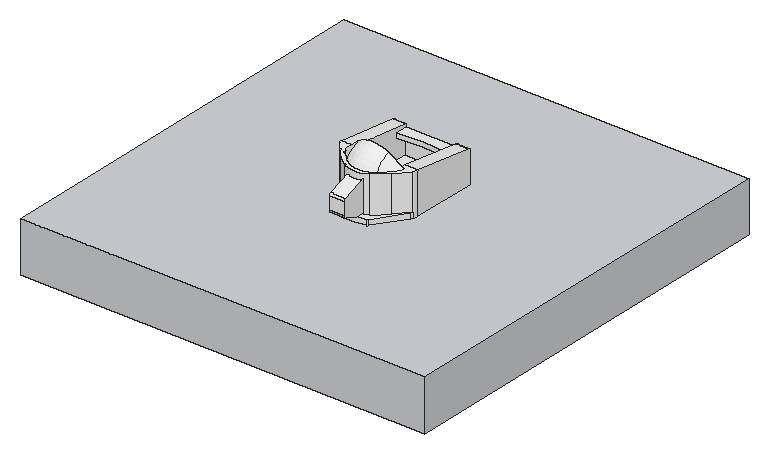
Revit family
Parameters (values of type "Vitreous_China-0-White")
  Width = 1' - 6"
  Waste Connection = yes
  WFU = 0
  Valve Pressure Drop = 0.00 psi
  URL = "http://www.us.kohler.com"
  Top of Urinal to Finished Floor = 3' - 7"
  Spud = Chrome-Kohler-CP-Polished
  Sanitary Radius = 1"
  Sanitary Diameter = Sanitary Radius * 2  # 2"
  Sanitary Connector = "Sanitary Connection"  # constant formula
  Product Page URL = "http://www.us.kohler.com/onlinecatalog/detail.jsp?prod_num=4960-er"
  Product Documentation Link = "http://www.us.kohler.com/onlinecatalog/pdf/115945_4.pdf"
  Model = "K-4960-ER"  # constant formula
  Manufacturer = "Kohler"  # constant formula
  Length = 1' - 2 1/8"
  Height = 2' - 4"
  Flush Rate = 0.5 GPM
  Finish = Vitreous_China-Kohler-0-White
  Description = "Bardon™ urinal with rear spud\r\n"  # constant formula
  Default Elevation = 0' - 0"
  Created By = "http://www.medialab3dstudio.com/"
  Cold Water Radius = 3/8"
  Cold Water Diameter = Cold Water Radius * 2  # 3/4"
  Cold Water Connector = "Cold Water Connection"  # constant formula
  CWFU = 0
  CW Connection = yes
  Assembly Code = "D2010210"
  Actual Valve Water Flow = 0 GPM
  ADA Compliant = yes
Types (8): name | Finish
  (no name) | Vitreous_China-Kohler-0-White
  Vitreous_China-0-White | Vitreous_China-Kohler-0-White
  Vitreous_China-7-Black_Black | Vitreous_China-Kohler-7-Black_Black
  Vitreous_China-33-Mexican_Sand | Vitreous_China-Kohler-33-Mexican_Sand
  Vitreous_China-47-Almond | Vitreous_China-Kohler-47-Almond
  Vitreous_China-55-Innocent_Blush | Vitreous_China-Kohler-55-Innocent_Blush
  Vitreous_China-96-Biscuit | Vitreous_China-Kohler-96-Biscuit
  Vitreous_China-G9-Sandbar | Vitreous_China-Kohler-G9-Sandbar
Reference planes
  plane 1 "Center (Top/Bottom)": y = 0
  plane 2 "Back": z = 0
  plane 3 "Center (Left/Right)": x = 0
  plane 4 "Left": x = -228.6
  plane 5 "Right": x = 228.6
  plane 6 "Top": y = 355.6
  plane 7 "Bottom of Urinal": y = -355.6
  plane 8 "Center (Front/Back)": z = 228.6
  plane 9: y = 292.401
  plane 10: z = 152.4
  plane 11: z = 177.8
  plane 12: y = 342.666
  plane 13: x = 152.4
  plane 14: x = -152.4
  plane 15: z = 249.536
  plane 16: z = 31.307
  plane 17 "Front": z = 358.775
  plane 18: x = -203.2
  plane 19: y = 349.85
  plane 20: y = -34.925
  plane 21: z = 197.41
  plane 22: y = 349.85
  plane 23: y = -34.925
  plane 24: z = 197.41
  plane 25: z = 190.558
  plane 26: z = 190.558
  plane 27: x = -44.45
  plane 28: x = 44.45
  plane 29: y = -204.48
  plane 30: y = -346.876
  plane 31: y = -263.045
  plane 32: z = 221.002
  plane 33: z = 168.531
  plane 34: z = 156.072
  plane 35: z = 79.584
  plane 36: z = 66.236
  plane 37: y = -348.799
  plane 38: y = -34.925
  plane 39: x = -216.358
  plane 40: x = -101.6
  plane 41: x = -94.005
  plane 42: y = -69.641
  plane 43: y = -247.208
  plane 44: y = -252.527
  plane 45: x = 94.005
  plane 46: x = 101.6
  plane 47: x = 216.358
  plane 48: y = -204.48
  plane 49: z = -12.254
  plane 50: y = 314.756
  plane 51: z = -8.167
  plane 52: z = -4.082
  plane 53: x = -12.7
  plane 54: x = -6.35
  plane 55: x = 6.35
  plane 56: x = 12.7
  plane 57: y = 327.456
  plane 58: y = 321.106
  plane 59: y = 308.406
  plane 60: y = 302.056
  plane 61: y = 314.756
  plane 62: y = -34.925
  plane 63: y = -63.598
  plane 64: y = -136.633
  plane 65: y = -172.058
  plane 66: y = -114.045
  plane 67: x = -83.263
  plane 68: x = 219.966
  plane 69: x = -219.966
  plane 70: y = -203.79
  plane 71: x = -76.712
  plane 72: x = 76.712
  plane 73: x = 83.263
  plane 74: y = -34.925
  plane 75: x = 169.256
  plane 76: x = 156.556
  plane 77: x = -156.556
  plane 78: x = -169.256
  plane 79: x = 83.263
  plane 80: x = -83.263
  plane 81: x = -91.426
  plane 82: x = 91.426
  plane 83: z = 219.319
  plane 84: z = 223.583
  plane 85: z = 227.309
  plane 86: z = 268.397
  plane 87: z = 262.276
  plane 88: y = -87.651
  plane 89: y = -215.62
  plane 90: z = 346.082
  plane 91: z = 187.984
  plane 92: y = -204.48
  plane 93: z = 126.154
  plane 94: y = -63.598
  plane 95: x = -219.966
  plane 96: x = 219.966
  plane 97: y = -69.943
  plane 98: y = -81.04
  plane 99: x = -88.922
  plane 100: x = 88.922
  plane 101: y = -261.911
  plane 102 "Bottom": y = -736.6
  plane 103: y = -179.08
  plane 104: y = -229.88
  plane 105: y = 330.631
  plane 106: y = 327.456
  plane 107: y = 324.281
  plane 108: y = 305.231
  plane 109: y = 302.056
  plane 110: y = 298.881
  plane 111: y = -228.315
  plane 112: y = 330.631
  plane 113: y = 298.881
  plane 114: y = -228.315
  plane 115: x = 25.4
  plane 116: x = -25.4
  plane 117: x = 168.746
  plane 118: x = -168.746
  plane 119: x = 15.875
  plane 120: x = 12.7
  plane 121: x = 9.525
  plane 122: x = -9.525
  plane 123: x = -12.7
  plane 124: x = -15.875
Forms (mm)
  Extrusion 1, solid
    sketch origin (0, 0, 0) x (1, 0, 0) y (0, 1, 0)
      loop
        line (-1219.2, 1219.2) -> (-1219.2, -1219.2) -> (1219.2, -1219.2) -> (1219.2, 1219.2) -> (-1219.2, 1219.2)
    from 0 to -304.8
  Extrusion 2, solid, material "Vitreous_China-Kohler-0-White" <- "Finish"
    sketch origin (0, 0, 0) x (1, 0, 0) y (0, 0, 1)
      loop
        line (228.6, 0) -> (228.6, 177.8) -> (152.4, 177.8) -> (152.4, 31.307) -> (-152.4, 31.307) -> (-152.4, 177.8) -> (-228.6, 177.8) -> (-228.6, 0) -> (228.6, 0)
    from -355.6 to 34.925
  Extrusion 3, solid, material "Vitreous_China-Kohler-0-White" <- "Finish"
    sketch origin (0, 0, 0) x (1, 0, 0) y (0, 1, 0)
      loop
        arc (-152.4, 277.758) -> (-0.018, 291.223) -> (152.4, 278.161) r 882.18
        line (152.4, 278.161) -> (152.4, 355.6) -> (-152.4, 355.6) -> (-152.4, 277.758)
    from 152.4 to 177.8
  Extrusion 4, solid, material "Vitreous_China-Kohler-0-White" <- "Finish"
    sketch origin (0, 0, 0) x (1, 0, 0) y (0, 0, 1)
      loop
        line (152.4, 152.4) -> (-152.4, 152.4) -> (-152.4, 31.307) -> (152.4, 31.307) -> (152.4, 152.4)
    from -355.6 to -342.666
  Extrusion 5, solid, material "Vitreous_China-Kohler-0-White" <- "Finish"
    sketch origin (0, 12.934, 0) x (0, 1, 0) y (0, 0, 1)
      loop
        line (-47.86, 177.8) -> (342.666, 177.8) -> (342.666, 190.558)
        arc (342.666, 190.558) -> (341.038, 195.03) -> (336.916, 197.41) r 6.958
        line (336.916, 197.41) -> (-47.86, 249.536) -> (-47.86, 177.8)
    from -228.6 to -152.4
  Extrusion 6, solid, material "Vitreous_China-Kohler-0-White" <- "Finish"
    sketch origin (0, 0, 0) x (1, 0, 0) y (0, 1, 0)
      loop
        line (-216.358, -69.641) -> (-101.6, -247.208)
        arc (-101.6, -247.208) -> (-98.281, -250.551) -> (-94.005, -252.527) r 13.301
        arc (-94.005, -252.527) -> (0, -264.57) -> (94.005, -252.527) r 372.897
        arc (94.005, -252.527) -> (98.281, -250.551) -> (101.6, -247.208) r 13.301
        line (101.6, -247.208) -> (216.358, -69.641)
        arc (216.358, -69.641) -> (225.064, -53.195) -> (228.6, -34.925) r 63.172
        line (228.6, -34.925) -> (-228.6, -34.925)
        arc (-228.6, -34.925) -> (-225.064, -53.195) -> (-216.358, -69.641) r 63.172
    from 0 to 31.307
  Extrusion 7, solid, material "Vitreous_China-Kohler-0-White" <- "Finish"
    sketch origin (0, 12.934, 0) x (0, 1, 0) y (0, 0, -1)
      loop
        line (-47.86, -177.8) -> (-47.86, -249.536) -> (336.916, -197.41)
        arc (336.916, -197.41) -> (341.038, -195.03) -> (342.666, -190.558) r 6.958
        line (342.666, -190.558) -> (342.666, -177.8) -> (-47.86, -177.8)
    from -228.6 to -152.4
  Extrusion 8, solid, material "Vitreous_China-Kohler-0-White" <- "Finish"
    sketch origin (0, 0, 0) x (1, 0, 0) y (0, 1, 0)
      loop
        arc (-152.4, -136.633) -> (-116.352, -172.236) -> (-76.712, -203.79) r 474.221
        arc (-76.712, -203.79) -> (0, -228.315) -> (76.712, -203.79) r 132.238
        arc (76.712, -203.79) -> (116.352, -172.236) -> (152.4, -136.633) r 474.221
        line (152.4, -136.633) -> (219.966, -63.598)
        arc (219.966, -63.598) -> (226.395, -49.897) -> (228.6, -34.925) r 51.924
        line (228.6, -34.925) -> (152.4, -34.925) -> (152.4, -114.045) -> (83.263, -172.058)
        arc (83.263, -172.058) -> (0, -202.363) -> (-83.263, -172.058) r 129.533
        line (-83.263, -172.058) -> (-152.4, -114.045) -> (-152.4, -34.925) -> (-228.6, -34.925)
        arc (-228.6, -34.925) -> (-226.395, -49.897) -> (-219.966, -63.598) r 51.924
        line (-219.966, -63.598) -> (-152.4, -136.633)
    from 0 to 249.536
  Extrusion 9, solid, material "Vitreous_China-Kohler-0-White" <- "Finish"
    sketch origin (0, 0, 0) x (0, 1, 0) y (0, 0, 1)
      loop
        line (-263.045, 31.307) -> (-204.48, 31.307) -> (-204.48, 221.002) -> (-346.876, 168.531)
        arc (-346.876, 168.531) -> (-353.202, 163.677) -> (-355.6, 156.072) r 13.259
        line (-355.6, 156.072) -> (-355.6, 79.584)
        arc (-355.6, 79.584) -> (-354.467, 71.755) -> (-348.799, 66.236) r 12.295
        line (-348.799, 66.236) -> (-263.045, 31.307)
    from -44.45 to 44.45
  Sweep 10, solid, material "Vitreous_China-Kohler-0-White" <- "Finish"
    path origin (0, 12.695, -61.551) x (0, 1, 0) y (0, 0, 1)
      loop
        arc (-228.315, 249.536) -> (-192.314, 351.235) -> (-100.346, 407.633) r 161.645
    profile origin (0, -179.618, 289.684) x (0, -0.77728, 0.629155) y (1, 0, 0)
      loop
        line (-111.84, 169.256) -> (-111.84, 156.556) -> (-105.062, 156.556) -> (-43.562, 83.263)
        arc (-43.562, 83.263) -> (-13.257, 0) -> (-43.562, -83.263) r 129.533
        line (-43.562, -83.263) -> (-105.062, -156.556) -> (-111.84, -156.556) -> (-111.84, -169.256) -> (-99.14, -169.256) -> (-33.833, -91.426)
        arc (-33.833, -91.426) -> (-0.557, 0) -> (-33.833, 91.426) r 142.233
        line (-33.833, 91.426) -> (-99.14, 169.256) -> (-111.84, 169.256)
  Extrusion 11, solid, material "Chrome-Kohler-CP-Polished" <- "Spud"
    sketch origin (0, 0, 0) x (1, 0, 0) y (0, 1, 0)
      loop
        arc (-25.4, -204.48) -> (-17.961, -222.441) -> (0, -229.88) r 25.4
        arc (0, -229.88) -> (17.961, -222.441) -> (25.4, -204.48) r 25.4
        arc (25.4, -204.48) -> (17.961, -186.52) -> (0, -179.08) r 25.4
        arc (0, -179.08) -> (-17.961, -186.52) -> (-25.4, -204.48) r 25.4
    from -12.254 to 0
  Extrusion 12, solid, material "Chrome-Kohler-CP-Polished" <- "Spud"
    sketch origin (0, 0, 0) x (1, 0, 0) y (0, 1, 0)
      loop
        arc (-9.525, 314.756) -> (-6.735, 308.02) -> (0, 305.231) r 9.525
        arc (0, 305.231) -> (6.735, 308.02) -> (9.525, 314.756) r 9.525
        arc (9.525, 314.756) -> (6.735, 321.491) -> (0, 324.281) r 9.525
        arc (0, 324.281) -> (-6.735, 321.491) -> (-9.525, 314.756) r 9.525
    from -12.254 to -8.167
  Extrusion 13, solid, material "Chrome-Kohler-CP-Polished" <- "Spud"
    sketch origin (0, 0, 0) x (1, 0, 0) y (0, 1, 0)
      loop
        line (-12.7, 308.406) -> (-6.35, 302.056) -> (6.35, 302.056) -> (12.7, 308.406) -> (12.7, 321.106) -> (6.35, 327.456) -> (-6.35, 327.456) -> (-12.7, 321.106) -> (-12.7, 308.406)
    from -8.167 to -4.082
  Extrusion 14, solid, material "Chrome-Kohler-CP-Polished" <- "Spud"
    sketch origin (0, 0, 0) x (1, 0, 0) y (0, 1, 0)
      loop
        arc (-15.875, 314.756) -> (-11.225, 303.53) -> (0, 298.881) r 15.875
        arc (0, 298.881) -> (11.225, 303.53) -> (15.875, 314.756) r 15.875
        arc (15.875, 314.756) -> (11.225, 325.981) -> (0, 330.631) r 15.875
        arc (0, 330.631) -> (-11.225, 325.981) -> (-15.875, 314.756) r 15.875
    from -4.082 to 0
  Revolve 15, solid, material "Chrome-Kohler-CP-Polished" <- "Spud"
    sketch origin (0, -779.8, 127.368) x (0, 0.258819, -0.965926) y (0, 0.965926, 0.258819)
      loop
        arc (176.37, 558.19) -> (173.039, 559.512) -> (169.642, 560.654) r 67.161
        arc (169.642, 560.654) -> (167.367, 560.339) -> (165.161, 559.701) r 15.956
        line (165.161, 559.701) -> (152.162, 563.184) -> (150.076, 555.402) -> (182.673, 546.668) -> (183.455, 551.105)
        arc (183.455, 551.105) -> (180.596, 555.33) -> (176.37, 558.19) r 13.473
      axis (152.7, 565.193) -> (150.076, 555.402)
    angle from 0 to 360
Cuts and joins
  joined: Extrusion 2, Extrusion 3, Extrusion 4, Extrusion 5, Extrusion 6, Extrusion 7, Extrusion 8, Sweep 10
Lines and regions (mm)
  Masking region 1, detail levels coarse
    outline origin (0, 0, 0) x (1, 0, 0) y (0, 1, 0)
      loop
        line (-228.6, 355.6) -> (-228.6, -355.6) -> (228.6, -355.6) -> (228.6, 355.6) -> (-228.6, 355.6)
  Masking region 2, detail levels medium+fine
    outline origin (0, 0, 228.6) x (0, -1, 0) y (1, 0, 0)
      loop
        line (-355.6, -228.6) -> (34.925, -228.6)
        arc (34.925, -228.6) -> (47.272, -227.111) -> (58.911, -222.728) r 51.924
        arc (58.911, -222.728) -> (64.434, -219.809) -> (69.641, -216.358) r 63.172
        line (69.641, -216.358) -> (247.208, -101.6)
        arc (247.208, -101.6) -> (250.551, -98.281) -> (252.527, -94.005) r 13.301
        arc (252.527, -94.005) -> (258.058, -69.386) -> (261.911, -44.45) r 372.897
        line (261.911, -44.45) -> (355.6, -44.45) -> (355.6, 44.45) -> (261.911, 44.45)
        arc (261.911, 44.45) -> (258.058, 69.386) -> (252.527, 94.005) r 372.897
        arc (252.527, 94.005) -> (250.551, 98.281) -> (247.208, 101.6) r 13.301
        line (247.208, 101.6) -> (69.641, 216.358)
        arc (69.641, 216.358) -> (64.434, 219.809) -> (58.911, 222.728) r 63.172
        arc (58.911, 222.728) -> (47.272, 227.111) -> (34.925, 228.6) r 51.924
        line (34.925, 228.6) -> (-355.6, 228.6) -> (-355.6, -228.6)
  Masking region 3, detail levels fine
    outline origin (0, 0, 0) x (1, 0, 0) y (0, 1, 0)
      loop
        arc (-9.525, 314.756) -> (-6.735, 308.02) -> (0, 305.231) r 9.525
        arc (0, 305.231) -> (6.735, 308.02) -> (9.525, 314.756) r 9.525
        arc (9.525, 314.756) -> (6.735, 321.491) -> (0, 324.281) r 9.525
        arc (0, 324.281) -> (-6.735, 321.491) -> (-9.525, 314.756) r 9.525
      loop
        line (-12.7, 321.106) -> (-12.7, 308.406) -> (-6.35, 302.056) -> (6.35, 302.056) -> (12.7, 308.406) -> (12.7, 321.106) -> (6.35, 327.456) -> (-6.35, 327.456) -> (-12.7, 321.106)
      loop
        arc (0, 330.631) -> (-11.225, 325.981) -> (-15.875, 314.756) r 15.875
        arc (-15.875, 314.756) -> (-11.225, 303.53) -> (0, 298.881) r 15.875
        arc (0, 298.881) -> (11.225, 303.53) -> (15.875, 314.756) r 15.875
        arc (15.875, 314.756) -> (11.225, 325.981) -> (0, 330.631) r 15.875
  Masking region 4, detail levels fine
    outline origin (0, 0, 0) x (1, 0, 0) y (0, 1, 0)
      loop
        arc (0, -179.08) -> (-17.961, -186.52) -> (-25.4, -204.48) r 25.4
        arc (-25.4, -204.48) -> (-17.961, -222.441) -> (0, -229.88) r 25.4
        arc (0, -229.88) -> (17.961, -222.441) -> (25.4, -204.48) r 25.4
        arc (25.4, -204.48) -> (17.961, -186.52) -> (0, -179.08) r 25.4
  Masking region 5, detail levels fine
    outline origin (0, 0, 457.2) x (0, -1, 0) y (1, 0, 0)
      loop
        line (-277.758, -152.4) -> (69.943, -152.4) -> (81.04, -88.922)
        arc (81.04, -88.922) -> (87.647, 0) -> (81.04, 88.922) r 601.641
        line (81.04, 88.922) -> (69.943, 152.4) -> (-278.161, 152.4)
        arc (-278.161, 152.4) -> (-291.223, -0.018) -> (-277.758, -152.4) r 882.18
  Masking region 6, detail levels fine
    outline origin (0, 0, 457.2) x (0, -1, 0) y (1, 0, 0)
      loop
        line (81.04, -88.922) -> (58.338, -218.789) -> (172.058, -83.263)
        arc (172.058, -83.263) -> (202.363, 0) -> (172.058, 83.263) r 129.533
        line (172.058, 83.263) -> (58.338, 218.789) -> (81.04, 88.922)
        arc (81.04, 88.922) -> (87.647, 0) -> (81.04, -88.922) r 601.641
  Masking region 7, detail levels coarse
    outline origin (0, 0, 0) x (0, 1, 0) y (0, 0, 1)
      loop
        line (355.6, 358.775) -> (-355.6, 358.775) -> (-355.6, 0) -> (355.6, 0) -> (355.6, 358.775)
  Masking region 8, detail levels medium+fine
    outline origin (0, 0, 0) x (0, 1, 0) y (0, 0, 1)
      loop
        line (305.231, -12.254) -> (324.281, -12.254) -> (324.281, -8.167) -> (327.456, -8.167) -> (327.456, -4.082) -> (330.631, -4.082) -> (330.631, 0) -> (355.6, 0) -> (355.6, 190.558)
        arc (355.6, 190.558) -> (353.972, 195.03) -> (349.85, 197.41) r 6.958
        line (349.85, 197.41) -> (-34.925, 249.536) -> (-67.086, 249.536) -> (-89.162, 353.177)
        arc (-89.162, 353.177) -> (-159.668, 316.352) -> (-202.826, 249.536) r 155.887
        line (-202.826, 249.536) -> (-228.315, 249.536) -> (-228.315, 212.219) -> (-346.876, 168.531)
        arc (-346.876, 168.531) -> (-353.202, 163.677) -> (-355.6, 156.072) r 13.259
        line (-355.6, 156.072) -> (-355.6, 79.584)
        arc (-355.6, 79.584) -> (-354.467, 71.755) -> (-348.799, 66.236) r 12.295
        line (-348.799, 66.236) -> (-261.911, 30.845) -> (-261.911, 0) -> (-229.88, 0) -> (-229.88, -12.254) -> (-179.08, -12.254) -> (-179.08, 0) -> (298.881, 0) -> (298.881, -4.082) -> (302.056, -4.082) -> (302.056, -8.167) -> (305.231, -8.167) -> (305.231, -12.254)
  Masking region 9, detail levels fine
    outline origin (0, 0, 0) x (0, 1, 0) y (0, 0, 1)
      loop
        line (330.631, 0) -> (298.881, 0) -> (298.881, -4.082) -> (330.631, -4.082) -> (330.631, 0)
  Masking region 10, detail levels fine
    outline origin (0, 0, 0) x (0, 1, 0) y (0, 0, 1)
      loop
        line (321.106, -4.082) -> (308.406, -4.082) -> (308.406, -8.167) -> (321.106, -8.167) -> (321.106, -4.082)
  Masking region 11, detail levels fine
    outline origin (0, 0, 0) x (0, 1, 0) y (0, 0, 1)
      loop
        line (302.056, -4.082) -> (302.056, -8.167) -> (327.456, -8.167) -> (327.456, -4.082) -> (302.056, -4.082)
  Masking region 12, detail levels fine
    outline origin (0, 0, 0) x (0, 1, 0) y (0, 0, 1)
      loop
        line (-63.598, 31.307) -> (-261.911, 31.307) -> (-261.911, 0) -> (-63.598, 0) -> (-63.598, 31.307)
  Masking region 13, detail levels coarse
    outline origin (0, 0, 0) x (1, 0, 0) y (0, 0, 1)
      loop
        line (228.6, 358.775) -> (-228.6, 358.775) -> (-228.6, 0) -> (228.6, 0) -> (228.6, 358.775)
  Masking region 14, detail levels medium+fine
    outline origin (0, 0, 0) x (1, 0, 0) y (0, 0, 1)
      loop
        line (228.6, 0) -> (228.6, 249.536) -> (168.746, 249.536) -> (82.117, 320.631)
        spline (82.117, 320.631) -> (69.794, 328.3) -> (56.736, 334.687) -> (43.083, 339.726) -> (28.976, 343.364) -> (14.564, 345.562) -> (0, 346.297) -> (-14.564, 345.562) -> (-28.976, 343.364) -> (-43.083, 339.726) -> (-56.736, 334.687) -> (-69.794, 328.3) -> (-82.117, 320.631)
        line (-82.117, 320.631) -> (-168.746, 249.536) -> (-228.6, 249.536) -> (-228.6, 0) -> (-25.4, 0) -> (-25.4, -12.254) -> (25.4, -12.254) -> (25.4, 0) -> (228.6, 0)
  Masking region 15, detail levels fine
    outline origin (0, 355.6, 0) x (1, 0, 0) y (0, 0, 1)
      loop
        line (152.4, 246.736) -> (83.263, 303.476)
        spline (83.263, 303.476) -> (71.18, 312.274) -> (58.135, 319.64) -> (44.303, 325.476) -> (29.872, 329.701) -> (15.038, 332.26) -> (0, 333.116) -> (-15.038, 332.26) -> (-29.872, 329.701) -> (-44.303, 325.476) -> (-58.135, 319.64) -> (-71.18, 312.274) -> (-83.263, 303.476)
        line (-83.263, 303.476) -> (-152.4, 246.736) -> (-152.4, 177.8) -> (152.4, 177.8) -> (152.4, 246.736)
  Masking region 16, detail levels fine
    outline origin (0, 0, 0) x (1, 0, 0) y (0, 0, 1)
      loop
        line (25.4, 0) -> (-25.4, 0) -> (-25.4, -12.254) -> (25.4, -12.254) -> (25.4, 0)
  Masking region 17, detail levels fine
    outline origin (0, 0, 0) x (1, 0, 0) y (0, 0, 1)
      loop
        line (-9.525, -12.254) -> (9.525, -12.254) -> (9.525, -8.167) -> (12.7, -8.167) -> (12.7, -4.082) -> (15.875, -4.082) -> (15.875, 0) -> (-15.875, 0) -> (-15.875, -4.082) -> (-12.7, -4.082) -> (-12.7, -8.167) -> (-9.525, -8.167) -> (-9.525, -12.254)
  Masking region 18, detail levels fine
    outline origin (0, 0, 0) x (1, 0, 0) y (0, 0, 1)
      loop
        line (12.7, -4.082) -> (-12.7, -4.082) -> (-12.7, -8.167) -> (12.7, -8.167) -> (12.7, -4.082)
  Masking region 19, detail levels fine
    outline origin (0, 0, 0) x (1, 0, 0) y (0, 0, 1)
      loop
        line (6.35, -4.082) -> (-6.35, -4.082) -> (-6.35, -8.167) -> (6.35, -8.167) -> (6.35, -4.082)
  symbolic lines, style "Masking Lines", detail levels fine
    curve 1: arc (-152.4, -136.633, 457.2) -> (-116.352, -172.236, 457.2) -> (-76.712, -203.79, 457.2) r 474.221
    curve 2: line (-219.966, -63.598, 457.2) -> (-152.4, -136.633, 457.2)
    curve 3: arc (-76.712, -203.79, 457.2) -> (0, -228.315, 457.2) -> (76.712, -203.79, 457.2) r 132.238
    curve 4: arc (76.712, -203.79, 457.2) -> (116.352, -172.236, 457.2) -> (152.4, -136.633, 457.2) r 474.221
    curve 5: line (152.4, -136.633, 457.2) -> (219.966, -63.598, 457.2)
    curve 6: arc (-44.45, -261.911, 0) -> (0, -263.045, 0) -> (44.45, -261.911, 0) r 872.166
    curve 7: line (0, -204.48, 249.536) -> (0, -63.598, 249.536)
    curve 8: line (0, -228.315, 228.6) -> (0, -228.315, 31.307)
    curve 9: line (-152.4, 277.758, 358.775) -> (-152.4, 355.6, 358.775)
    curve 10: line (152.4, 278.161, 358.775) -> (152.4, 355.6, 358.775)
    curve 11: line (-44.45, -261.911, 358.775) -> (-44.45, -220.62, 358.775)
    curve 12: line (44.45, -261.911, 358.775) -> (44.45, -220.62, 358.775)
Dimensions and locks
  equal spacing: plane 4 "Left", plane 3 "Center (Left/Right)", plane 5 "Right"
  "Width": plane 4 "Left" to plane 5 "Right"
  equal spacing: plane 7 "Bottom of Urinal", plane 1 "Center (Top/Bottom)", plane 6 "Top"
  "Height": plane 7 "Bottom of Urinal" to plane 6 "Top"
  locked: plane 2 "Back" to plane 15 at 249.536
  locked: plane 4 "Left" to plane 18 at 25.4
  plane 19 to plane 20 to plane 7 "Bottom of Urinal" = 1' - 3.14864" locked, 1' - 0 5/8" locked
  locked: plane 25 to plane 24 at 6.852
  plane 22 to plane 23 to plane 7 "Bottom of Urinal" = 1' - 3.14864" locked, 1' - 0 5/8" locked
  locked: plane 21 to plane 26 at 6.852
  plane 7 "Bottom of Urinal" to plane 37 to plane 30 = 0' - 0.26777" locked, 0' - 0.0757" locked
  plane 31 to plane 29 to plane 1 "Center (Top/Bottom)" = 0' - 2.30569" locked, 0' - 8.0504" locked
  plane 34 to plane 33 to plane 32 = 0' - 0.49053" locked, 0' - 2.06576" locked
  plane 2 "Back" to plane 36 to plane 35 = 0' - 2.60771" locked, 0' - 0.52553" locked
  plane 4 "Left" to plane 39 to plane 40 to plane 41 = 0' - 0.48197" locked, 0' - 4.51801" locked, 0' - 0.29904" locked
  plane 45 to plane 46 to plane 47 to plane 5 "Right" = 0' - 0.29904" locked, 0' - 4.51801" locked, 0' - 0.48197" locked
  plane 42 to plane 38 to plane 6 "Top" = 0' - 1.36677" locked, 1' - 3 3/8" locked
  plane 7 "Bottom of Urinal" to plane 44 to plane 43 = 0' - 4.05801" locked, 0' - 0.20939" locked
  locked: plane 50 to plane 6 "Top" at 40.844
  plane 27 to plane 53 to plane 54 = 0' - 1 1/4" locked, 0' - 0 1/4" locked
  plane 55 to plane 56 to plane 5 "Right" = 0' - 0 1/4" locked, 0' - 8 1/2" locked
  plane 59 to plane 60 to plane 1 "Center (Top/Bottom)" = 0' - 0 1/4" locked, 0' - 11.89196" locked
  plane 6 "Top" to plane 57 to plane 58 = 0' - 1.10804" locked, 0' - 0 1/4" locked
  locked: plane 61 to plane 6 "Top" at 40.844
  plane 4 "Left" to plane 69 to plane 67 to plane 71 = 0' - 0.33993" locked, 0' - 5.38201" locked, 0' - 0.2579" locked
  plane 72 to plane 73 to plane 68 to plane 5 "Right" = 0' - 0.2579" locked, 0' - 5.38201" locked, 0' - 0.33993" locked
  plane 66 to plane 63 to plane 62 to plane 6 "Top" = 0' - 1.9861" locked, 0' - 1.12884" locked, 1' - 3 3/8" locked
  plane 7 "Bottom of Urinal" to plane 70 to plane 65 to plane 64 = 0' - 5.97676" locked, 0' - 1.24931" locked, 0' - 1.39468" locked
  locked: plane 7 "Bottom of Urinal" to plane 74 at 320.675
  locked: plane 48 to plane 7 "Bottom of Urinal" at 151.12
  locked: plane 87 to plane 86 at 6.121
  plane 2 "Back" to plane 83 to plane 84 to plane 85 = 0' - 8.6346" locked, 0' - 0.16789" locked, 0' - 0.14669" locked
  plane 80 to plane 81 to plane 77 to plane 78 to plane 4 "Left" = 0' - 0.32139" locked, 0' - 2.56418" locked, 0' - 0 1/2" locked, 0' - 2.33638" locked
  plane 5 "Right" to plane 75 to plane 76 to plane 82 to plane 79 = 0' - 2.33638" locked, 0' - 0 1/2" locked, 0' - 2.56418" locked, 0' - 0.32139" locked
  locked: plane 7 "Bottom of Urinal" to plane 89 at 139.98
  locked: plane 88 to plane 6 "Top" at 443.251
  locked: plane 2 "Back" to plane 91 at 187.984
  locked: plane 7 "Bottom of Urinal" to plane 92 at 151.12
  plane 27 to plane 3 "Center (Left/Right)" to plane 28 = 0' - 1 3/4" locked, 0' - 1 3/4" locked
  locked: plane 93 to plane 15 at 123.381
  locked: plane 4 "Left" to plane 95 at 8.634
  locked: plane 96 to plane 5 "Right" at 8.634
  locked: plane 7 "Bottom of Urinal" to plane 94 at 292.002
  locked: plane 4 "Left" to plane 99 at 139.678
  locked: plane 100 to plane 96 at 131.044
  plane 97 to plane 98 to plane 7 "Bottom of Urinal" = 0' - 0.43687" locked, 0' - 10.80946" locked
  locked: plane 7 "Bottom of Urinal" to plane 101 at 93.689
  "Top of Urinal to Finished Floor": plane 102 "Bottom" to plane 6 "Top"
  plane 103 to plane 104 to plane 7 "Bottom of Urinal" = 0' - 2" locked, 0' - 4.9496" locked
  plane 6 "Top" to plane 105 to plane 106 to plane 107 = 0' - 0.98304" locked, 0' - 0 1/8" locked, 0' - 0 1/8" locked
  plane 108 to plane 109 to plane 110 to plane 94 = 0' - 0 1/8" locked, 0' - 0 1/8" locked, 1' - 2.2708" locked
  locked: plane 111 to plane 7 "Bottom of Urinal" at 127.285
  plane 6 "Top" to plane 112 to plane 113 = 0' - 0.98304" locked, 0' - 1 1/4" locked
  locked: plane 114 to plane 7 "Bottom of Urinal" at 127.285
  plane 115 to plane 117 to plane 5 "Right" = 0' - 5.64355" locked, 0' - 2.35645" locked
  plane 4 "Left" to plane 118 to plane 116 = 0' - 2.35645" locked, 0' - 5.64355" locked
  plane 121 to plane 120 to plane 119 to plane 5 "Right" = 0' - 0 1/8" locked, 0' - 0 1/8" locked, 0' - 8 3/8" locked
  plane 4 "Left" to plane 124 to plane 123 to plane 122 = 0' - 8 3/8" locked, 0' - 0 1/8" locked, 0' - 0 1/8" locked
  "Length": plane 2 "Back" to plane 17 "Front"
  aligned and locked: plane 2 "Back" to Extrusion 1
  aligned and locked: level to Extrusion 1
  aligned and locked: Extrusion 2 to plane 6 "Top"
  aligned and locked: plane 10 to Extrusion 3
  aligned and locked: Extrusion 3 to plane 11
  aligned and locked: Extrusion 4 to plane 6 "Top"
  aligned and locked: Extrusion 4 to plane 12
  aligned and locked: Extrusion 5 to plane 14
  aligned and locked: Extrusion 5 to plane 4 "Left"
  aligned and locked: plane 11 to Extrusion 5
  aligned and locked: Extrusion 5 to plane 15
  aligned and locked: Extrusion 6 to plane 2 "Back"
  aligned and locked: plane 16 to Extrusion 6
  aligned and locked: Extrusion 2 sketch curve to plane 5 "Right"
  aligned and locked: Extrusion 2 sketch curve to plane 2 "Back"
  aligned and locked: Extrusion 2 sketch curve to plane 4 "Left"
  aligned and locked: Extrusion 2 sketch curve to plane 14
  aligned and locked: Extrusion 2 sketch curve to plane 13
  aligned and locked: plane 11 to Extrusion 2 sketch curve
  aligned and locked: Extrusion 2 sketch curve to plane 11
  aligned and locked: Extrusion 2 sketch curve to plane 16
  aligned and locked: plane 6 "Top" to Extrusion 7 sketch curve  (x2)
  aligned and locked: Extrusion 7 sketch curve to plane 11
  aligned and locked: Extrusion 7 sketch curve to plane 20
  aligned and locked: plane 19 to Extrusion 7 sketch curve
  aligned and locked: plane 21 to Extrusion 7 sketch curve
  aligned and locked: plane 15 to Extrusion 7 sketch curve
  aligned and locked: plane 5 "Right" to Extrusion 7
  aligned and locked: plane 13 to Extrusion 7
  aligned and locked: plane 15 to Extrusion 5 sketch curve
  aligned and locked: plane 24 to Extrusion 5 sketch curve
  aligned and locked: plane 25 to Extrusion 5 sketch curve
  aligned and locked: Extrusion 5 sketch curve to plane 11
  aligned and locked: Extrusion 5 sketch curve to plane 23
  aligned and locked: plane 26 to Extrusion 7 sketch curve
  aligned and locked: Extrusion 8 to plane 15
  aligned and locked: Extrusion 8 to plane 2 "Back"
  aligned and locked: Extrusion 4 sketch curve to plane 13
  aligned and locked: plane 14 to Extrusion 4 sketch curve
  aligned and locked: Extrusion 9 to plane 27
  aligned and locked: plane 28 to Extrusion 9
  aligned and locked: plane 32 to Extrusion 9 sketch curve
  aligned and locked: plane 33 to Extrusion 9 sketch curve
  aligned and locked: plane 34 to Extrusion 9 sketch curve
  aligned and locked: plane 35 to Extrusion 9 sketch curve
  aligned and locked: plane 36 to Extrusion 9 sketch curve
  aligned and locked: Extrusion 9 sketch curve to plane 16
  aligned and locked: plane 29 to Extrusion 9 sketch curve  (x2)
  aligned and locked: plane 31 to Extrusion 9 sketch curve
  aligned and locked: plane 30 to Extrusion 9 sketch curve
  aligned and locked: plane 7 "Bottom of Urinal" to Extrusion 9 sketch curve  (x2)
  aligned and locked: plane 37 to Extrusion 9 sketch curve
  aligned and locked: Extrusion 6 sketch curve to plane 38
  aligned and locked: plane 42 to Extrusion 6 sketch curve  (x2)
  aligned and locked: plane 43 to Extrusion 6 sketch curve  (x2)
  aligned and locked: plane 44 to Extrusion 6 sketch curve  (x2)
  aligned and locked: plane 39 to Extrusion 6 sketch curve
  aligned and locked: plane 40 to Extrusion 6 sketch curve
  aligned and locked: plane 41 to Extrusion 6 sketch curve
  aligned and locked: plane 45 to Extrusion 6 sketch curve
  aligned and locked: plane 46 to Extrusion 6 sketch curve
  aligned and locked: plane 47 to Extrusion 6 sketch curve
  aligned and locked: plane 5 "Right" to Extrusion 6 sketch curve
  aligned and locked: plane 4 "Left" to Extrusion 6 sketch curve
  aligned and locked: Sweep 10 to Extrusion 8 sketch curve
  aligned and locked: Extrusion 8 sketch curve to Sweep 10
  aligned and locked: plane 3 "Center (Left/Right)" to Extrusion 11 sketch curve  (x2)
  aligned and locked: plane 48 to Extrusion 11 sketch curve  (x2)
  aligned and locked: plane 49 to Extrusion 11
  aligned and locked: plane 2 "Back" to Extrusion 11
  aligned and locked: plane 3 "Center (Left/Right)" to Extrusion 12 sketch curve  (x2)
  aligned and locked: plane 50 to Extrusion 12 sketch curve  (x2)
  aligned and locked: plane 49 to Extrusion 12
  aligned and locked: Extrusion 12 to plane 51
  aligned and locked: plane 51 to Extrusion 13
  aligned and locked: Extrusion 13 to plane 52
  aligned and locked: plane 53 to Extrusion 13 sketch curve
  aligned and locked: plane 54 to Extrusion 13 sketch curve  (x2)
  aligned and locked: plane 55 to Extrusion 13 sketch curve  (x2)
  aligned and locked: plane 56 to Extrusion 13 sketch curve
  aligned and locked: plane 57 to Extrusion 13 sketch curve
  aligned and locked: plane 58 to Extrusion 13 sketch curve  (x2)
  aligned and locked: plane 59 to Extrusion 13 sketch curve  (x2)
  aligned and locked: plane 60 to Extrusion 13 sketch curve
  aligned and locked: plane 3 "Center (Left/Right)" to Extrusion 14 sketch curve  (x2)
  aligned and locked: plane 61 to Extrusion 14 sketch curve  (x2)
  aligned and locked: plane 52 to Extrusion 14
  aligned and locked: plane 2 "Back" to Extrusion 14
  aligned and locked: plane 62 to Extrusion 8 sketch curve
  aligned and locked: Extrusion 8 sketch curve to plane 62
  aligned and locked: plane 63 to Extrusion 8 sketch curve  (x2)
  aligned and locked: plane 66 to Extrusion 8 sketch curve  (x2)
  aligned and locked: plane 64 to Extrusion 8 sketch curve  (x2)
  aligned and locked: plane 70 to Extrusion 8 sketch curve  (x2)
  aligned and locked: plane 4 "Left" to Extrusion 8 sketch curve
  aligned and locked: plane 69 to Extrusion 8 sketch curve
  aligned and locked: plane 14 to Extrusion 8 sketch curve
  aligned and locked: plane 67 to Extrusion 8 sketch curve
  aligned and locked: plane 71 to Extrusion 8 sketch curve
  aligned and locked: plane 72 to Extrusion 8 sketch curve
  aligned and locked: plane 73 to Extrusion 8 sketch curve
  aligned and locked: Extrusion 8 sketch curve to plane 13
  aligned and locked: plane 68 to Extrusion 8 sketch curve
  aligned and locked: plane 5 "Right" to Extrusion 8 sketch curve
  aligned and locked: plane 74 to cut or joined group of Extrusion 2, Extrusion 3, Extrusion 4, Extrusion 5, Extrusion 6, Extrusion 7, Extrusion 8, Sweep 10
  aligned and locked: Sweep 10 sketch curve to plane 75
  aligned and locked: Sweep 10 sketch curve to plane 76
  aligned and locked: plane 82 to Sweep 10 sketch curve
  aligned and locked: plane 79 to Sweep 10 sketch curve
  aligned and locked: plane 80 to Sweep 10 sketch curve
  aligned and locked: plane 81 to Sweep 10 sketch curve
  aligned and locked: Sweep 10 sketch curve to plane 77
  aligned and locked: plane 78 to Sweep 10 sketch curve
  aligned and locked: plane 86 to Sweep 10 sketch curve  (x2)
  aligned and locked: plane 87 to Sweep 10 sketch curve  (x2)
  aligned and locked: plane 85 to Sweep 10 sketch curve  (x2)
  aligned and locked: plane 84 to Sweep 10 sketch curve  (x2)
  aligned and locked: plane 83 to Sweep 10 sketch curve  (x2)
  aligned and locked: plane 90 to Sweep 10 sketch curve
  aligned and locked: plane 91 to Sweep 10 sketch curve
  aligned and locked: plane 89 to Sweep 10 sketch curve
  aligned and locked: plane 88 to Sweep 10 sketch curve
  aligned and locked: Revolve 15 to plane 92
  aligned and locked: Revolve 15 sketch curve to plane 93
  aligned and locked: plane 3 "Center (Left/Right)" to Revolve 15  (x2)
  aligned and locked: plane 6 "Top" to Masking region 1 sketch curve
  aligned and locked: plane 4 "Left" to Masking region 1 sketch curve
  aligned and locked: Masking region 1 sketch curve to plane 7 "Bottom of Urinal"
  aligned and locked: Masking region 1 sketch curve to plane 5 "Right"
  aligned and locked: Masking region 2 sketch curve to cut or joined group of Extrusion 2, Extrusion 3, Extrusion 4, Extrusion 5, Extrusion 6, Extrusion 7, Extrusion 8, Sweep 10  (x11)
  aligned and locked: Masking region 2 sketch curve to Extrusion 9
  aligned and locked: Extrusion 9 to Masking region 2 sketch curve
  aligned and locked: Masking region 2 sketch curve to plane 27
  aligned and locked: Masking region 3 sketch curve to Extrusion 12  (x4)
  aligned and locked: Masking region 3 sketch curve to Extrusion 13  (x8)
  aligned and locked: Masking region 3 sketch curve to Extrusion 14  (x4)
  aligned and locked: Masking region 4 sketch curve to Extrusion 11  (x4)
  aligned and locked: curve 1 to cut or joined group of Extrusion 2, Extrusion 3, Extrusion 4, Extrusion 5, Extrusion 6, Extrusion 7, Extrusion 8, Sweep 10
  aligned and locked: curve 3 to cut or joined group of Extrusion 2, Extrusion 3, Extrusion 4, Extrusion 5, Extrusion 6, Extrusion 7, Extrusion 8, Sweep 10
  aligned and locked: curve 4 to cut or joined group of Extrusion 2, Extrusion 3, Extrusion 4, Extrusion 5, Extrusion 6, Extrusion 7, Extrusion 8, Sweep 10
  aligned and locked: curve 5 to cut or joined group of Extrusion 2, Extrusion 3, Extrusion 4, Extrusion 5, Extrusion 6, Extrusion 7, Extrusion 8, Sweep 10
  aligned and locked: plane 95 to curve 2
  aligned and locked: plane 96 to curve 5
  aligned and locked: plane 94 to curve 5
  aligned and locked: Masking region 5 sketch curve to cut or joined group of Extrusion 2, Extrusion 3, Extrusion 4, Extrusion 5, Extrusion 6, Extrusion 7, Extrusion 8, Sweep 10  (x2)
  aligned and locked: cut or joined group of Extrusion 2, Extrusion 3, Extrusion 4, Extrusion 5, Extrusion 6, Extrusion 7, Extrusion 8, Sweep 10 to Masking region 5 sketch curve
  aligned and locked: Masking region 6 sketch curve to cut or joined group of Extrusion 2, Extrusion 3, Extrusion 4, Extrusion 5, Extrusion 6, Extrusion 7, Extrusion 8, Sweep 10  (x4)
  aligned and locked: plane 97 to Masking region 5 sketch curve  (x2)
  aligned and locked: plane 98 to Masking region 5 sketch curve  (x2)
  aligned and locked: plane 99 to Masking region 5 sketch curve
  aligned and locked: plane 100 to Masking region 5 sketch curve
  aligned and locked: plane 13 to Masking region 5 sketch curve
  aligned and locked: plane 14 to Masking region 5 sketch curve
  aligned and locked: plane 27 to curve 6
  aligned and locked: plane 28 to curve 6
  aligned and locked: plane 101 to curve 6  (x2)
  aligned and locked: plane 6 "Top" to Masking region 7 sketch curve
  aligned and locked: plane 17 "Front" to Masking region 7 sketch curve
  aligned and locked: plane 2 "Back" to Masking region 7 sketch curve
  aligned and locked: Masking region 7 sketch curve to plane 7 "Bottom of Urinal"
  aligned and locked: Masking region 8 sketch curve to Extrusion 12
  aligned and locked: Masking region 8 sketch curve to Extrusion 13  (x2)
  aligned and locked: Masking region 8 sketch curve to cut or joined group of Extrusion 2, Extrusion 3, Extrusion 4, Extrusion 5, Extrusion 6, Extrusion 7, Extrusion 8, Sweep 10  (x4)
  aligned and locked: cut or joined group of Extrusion 2, Extrusion 3, Extrusion 4, Extrusion 5, Extrusion 6, Extrusion 7, Extrusion 8, Sweep 10 to Masking region 8 sketch curve
  aligned and locked: Extrusion 9 to Masking region 8 sketch curve
  aligned and locked: Masking region 8 sketch curve to Extrusion 9  (x3)
  aligned and locked: Masking region 8 sketch curve to Extrusion 11
  aligned and locked: plane 2 "Back" to Masking region 8 sketch curve  (x2)
  aligned and locked: Masking region 8 sketch curve to plane 2 "Back"
  aligned and locked: plane 101 to Masking region 8 sketch curve
  aligned and locked: plane 103 to Masking region 8 sketch curve
  aligned and locked: plane 104 to Masking region 8 sketch curve
  aligned and locked: Masking region 8 sketch curve to plane 52  (x2)
  aligned and locked: Masking region 8 sketch curve to plane 51  (x2)
  aligned and locked: plane 105 to Masking region 8 sketch curve
  aligned and locked: plane 107 to Masking region 8 sketch curve
  aligned and locked: Masking region 8 sketch curve to plane 108
  aligned and locked: Masking region 8 sketch curve to plane 110
  aligned and locked: plane 111 to Masking region 8 sketch curve
  aligned and locked: plane 15 to Masking region 8 sketch curve
  aligned and locked: Masking region 9 sketch curve to plane 2 "Back"
  aligned and locked: Masking region 9 sketch curve to plane 52
  aligned and locked: plane 112 to Masking region 9 sketch curve
  aligned and locked: Masking region 9 sketch curve to plane 113
  aligned and locked: Masking region 10 sketch curve to Extrusion 13  (x2)
  aligned and locked: Extrusion 13 to Masking region 10 sketch curve
  aligned and locked: Extrusion 14 to Masking region 10 sketch curve
  aligned and locked: Extrusion 14 to Masking region 11 sketch curve
  aligned and locked: Masking region 11 sketch curve to Extrusion 13  (x3)
  aligned and locked: cut or joined group of Extrusion 2, Extrusion 3, Extrusion 4, Extrusion 5, Extrusion 6, Extrusion 7, Extrusion 8, Sweep 10 to plane 15
  aligned and locked: plane 92 to curve 7
  aligned and locked: plane 94 to curve 7
  aligned and locked: plane 16 to curve 8
  aligned and locked: plane 8 "Center (Front/Back)" to curve 8
  aligned and locked: curve 8 to plane 114
  aligned and locked: Masking region 12 sketch curve to plane 94
  aligned and locked: plane 2 "Back" to Masking region 12 sketch curve
  aligned and locked: Masking region 12 sketch curve to plane 101
  aligned and locked: Masking region 12 sketch curve to plane 16
  aligned and locked: Masking region 13 sketch curve to plane 5 "Right"
  aligned and locked: plane 17 "Front" to Masking region 13 sketch curve
  aligned and locked: plane 4 "Left" to Masking region 13 sketch curve
  aligned and locked: plane 2 "Back" to Masking region 13 sketch curve
  aligned and locked: Masking region 14 sketch curve to cut or joined group of Extrusion 2, Extrusion 3, Extrusion 4, Extrusion 5, Extrusion 6, Extrusion 7, Extrusion 8, Sweep 10  (x4)
  aligned and locked: Masking region 14 sketch curve to plane 2 "Back"  (x2)
  aligned and locked: plane 49 to Masking region 14 sketch curve
  aligned and locked: Masking region 14 sketch curve to plane 115
  aligned and locked: plane 116 to Masking region 14 sketch curve
  aligned and locked: plane 117 to Masking region 14 sketch curve
  aligned and locked: plane 118 to Masking region 14 sketch curve
  aligned and locked: plane 15 to Masking region 14 sketch curve
  aligned and locked: Masking region 15 sketch curve to cut or joined group of Extrusion 2, Extrusion 3, Extrusion 4, Extrusion 5, Extrusion 6, Extrusion 7, Extrusion 8, Sweep 10  (x3)
  aligned and locked: cut or joined group of Extrusion 2, Extrusion 3, Extrusion 4, Extrusion 5, Extrusion 6, Extrusion 7, Extrusion 8, Sweep 10 to Masking region 15 sketch curve  (x2)
  aligned and locked: Masking region 16 sketch curve to Masking region 14  (x3)
  aligned and locked: Masking region 16 sketch curve to Extrusion 11
  aligned and locked: Masking region 17 sketch curve to Extrusion 12
  aligned and locked: Masking region 17 sketch curve to Extrusion 13  (x2)
  aligned and locked: Masking region 17 sketch curve to Extrusion 14
  aligned and locked: Masking region 17 sketch curve to plane 119
  aligned and locked: Masking region 17 sketch curve to plane 122
  aligned and locked: Masking region 17 sketch curve to plane 121
  aligned and locked: plane 124 to Masking region 17 sketch curve
  aligned and locked: Masking region 17 sketch curve to plane 51
  aligned and locked: plane 51 to Masking region 17 sketch curve  (x3)
  aligned and locked: plane 52 to Masking region 17 sketch curve  (x2)
  aligned and locked: Masking region 18 sketch curve to Extrusion 13  (x4)
  aligned and locked: Extrusion 13 to Masking region 19 sketch curve  (x2)
  aligned and locked: Masking region 19 sketch curve to Extrusion 13  (x2)
Automatic sketch dimensions
  Sweep 10 sketch curve to Sweep 10 sketch curve = 0' - 0"  (x2)
  Sweep 10 sketch curve to plane 3 "Center (Left/Right)" = 0' - 0"
  profile plane to Sweep 10 sketch curve = 0' - 5.62166"
  profile plane to Sweep 10 sketch curve = 0' - 4.40316"  (x2)
  Sweep 10 sketch curve to Sweep 10 sketch curve = 0' - 0.26685"  (x2)
  Sweep 10 sketch curve to Sweep 10 sketch curve = 0' - 0 1/2"  (x2)
  profile plane to Sweep 10 sketch curve = 0' - 1.71503"
  Sweep 10 sketch curve to Sweep 10 sketch curve = 0' - 0.38302"
  Extrusion 1 sketch curve to Extrusion 1 sketch curve = 8' - 0"  (x2)
  Extrusion 3 sketch curve to plane 14 = 0' - 0"
  Extrusion 3 sketch curve to plane 13 = 0' - 0"
  plane 6 "Top" to Extrusion 3 sketch curve = 0' - 0"
  plane 3 "Center (Left/Right)" to Extrusion 3 sketch curve = 0' - 0.04518"
  plane 9 to Extrusion 3 sketch curve = 0' - 0.56065"
  Extrusion 3 sketch curve to Extrusion 3 sketch curve = 0' - 3.06463"
  Extrusion 4 sketch curve to plane 16 = 0' - 0"
  Extrusion 4 sketch curve to plane 10 = 0' - 0"
  Extrusion 5 sketch curve to plane 22 = 0' - 0"
  Extrusion 5 sketch curve to plane 6 "Top" = 0' - 0"
  Extrusion 6 sketch curve to plane 41 = 0' - 0"
  plane 44 to Extrusion 6 sketch curve = 0' - 0"
  plane 38 to Extrusion 6 sketch curve = 0' - 0.10784"  (x2)
  Extrusion 6 sketch curve to Extrusion 6 sketch curve = 0' - 0.43105"
  Extrusion 8 sketch curve to plane 14 = 0' - 0"
  plane 70 to Extrusion 8 sketch curve = 0' - 0"
  Extrusion 8 sketch curve to plane 3 "Center (Left/Right)" = 0' - 0"
  Extrusion 8 sketch curve to plane 13 = 0' - 0"
  plane 69 to Extrusion 8 sketch curve = 0' - 0.8496"
  plane 35 to Extrusion 9 sketch curve = 0' - 0.08851"
  plane 27 to Extrusion 11 sketch curve = 0' - 0 3/4"
  Extrusion 12 sketch curve to plane 3 "Center (Left/Right)" = 0' - 0 3/8"
  Extrusion 14 sketch curve to plane 3 "Center (Left/Right)" = 0' - 0 5/8"
  Revolve 15 sketch curve to plane 7 "Bottom of Urinal" = 0' - 3.70621"
  Revolve 15 sketch curve to Revolve 15 sketch curve = 0' - 0.00521"
  Revolve 15 sketch curve to Revolve 15 sketch curve = 0' - 0"  (x5)
  Revolve 15 sketch curve to Revolve 15 sketch curve = 0' - 0.08209"
  Revolve 15 sketch curve to Revolve 15 sketch curve = 0' - 0.51178"
  Revolve 15 sketch curve to Revolve 15 sketch curve = 0' - 0.17641"
  Revolve 15 sketch curve to Revolve 15 sketch curve = 0' - 0.04105"
  Revolve 15 sketch curve to Revolve 15 sketch curve = 0' - 0.01515"
  Revolve 15 sketch curve to Revolve 15 sketch curve = 0' - 0.26491"
  Revolve 15 sketch curve to Revolve 15 sketch curve = 0' - 0.45685"
  Revolve 15 sketch curve to Revolve 15 sketch curve = 0' - 0.0308"
  Revolve 15 sketch curve to Revolve 15 sketch curve = 0' - 0.04219"
  Revolve 15 sketch curve to Revolve 15 sketch curve = 0' - 0.17466"
  curve 1 to plane 14 = 0' - 0"
  plane 94 to curve 2 = 0' - 0"
  plane 95 to Masking region 6 sketch curve = 0' - 0.04633"
  Masking region 6 sketch curve to plane 92 = 0' - 1.27647"  (x2)
  Masking region 5 sketch curve to plane 6 "Top" = 0' - 6.23596"
  Masking region 6 sketch curve to plane 3 "Center (Left/Right)" = 0' - 0"
  Masking region 6 sketch curve to plane 6 "Top" = 0' - 6.23596"
  plane 94 to Masking region 6 sketch curve = 0' - 0.68669"
  Masking region 2 sketch curve to Masking region 2 sketch curve = 0' - 0"  (x2)
  plane 101 to Masking region 2 sketch curve = 0' - 0"
  Masking region 8 sketch curve to plane 92 = 0' - 0.06512"
  plane 17 "Front" to Masking region 8 sketch curve = 0' - 0.22039"
  Masking region 8 sketch curve to plane 94 = 0' - 0.35287"
  plane 15 to curve 7 = 0' - 0"
  plane 17 "Front" to Masking region 14 sketch curve = 0' - 1.50174"  (x2)
  plane 13 to Masking region 14 sketch curve = 0' - 0.40026"
  plane 8 "Center (Front/Back)" to Masking region 14 sketch curve = 0' - 0.87304"
  Masking region 15 sketch curve to plane 27 = 0' - 1.52805"
  plane 28 to Masking region 15 sketch curve = 0' - 1.52805"
  plane 13 to Masking region 15 sketch curve = 0' - 0.90026"
  plane 8 "Center (Front/Back)" to Masking region 15 sketch curve = 0' - 0.87304"
  plane 6 "Top" to curve 9 = 0' - 0"
  curve 9 to plane 14 = 0' - 0"
  plane 6 "Top" to curve 10 = 0' - 0"
  curve 10 to plane 13 = 0' - 0"
  plane 9 to curve 10 = 0' - 0.56065"
  plane 9 to curve 9 = 0' - 0.5765"
  curve 6 to plane 6 "Top" = 0' - 9.98115"
  curve 11 to plane 27 = 0' - 0"
  curve 12 to plane 28 = 0' - 0"
  plane 101 to curve 12 = 0' - 0"
  plane 101 to curve 11 = 0' - 0"
  curve 11 to plane 114 = 0' - 0.30293"
  curve 12 to plane 114 = 0' - 0.30293"
Connectors
  piping at (0, -204.48, -12.254), driven by "Actual Valve Water Flow", driven by "Waste Connection", driven by "Sanitary Radius", driven by "Waste Connection", driven by "Sanitary Connector", driven by "WFU"
    settings: on Extrusion 11, index 1, connector radius 1", flow factor 0, pipe flow 0 GPM, pressure drop 0.00 psi, fitting loss kfactor 0, connector angle 0.00°, fixture units 0, flow configuration 3, flow direction 2, fitting loss method 0, system type 16, connector reference index -1, connector utility 1, adjustable connector yes, is connector primary yes, fitting loss table "", connector description "Sanitary Connection"
  piping at (0, 314.756, -12.254), driven by "Flush Rate", driven by "CW Connection", driven by "Cold Water Radius", driven by "CW Connection", driven by "CWFU"
    settings: on Extrusion 12, index 2, connector radius 3/8", flow factor 0, pipe flow 0.5 GPM, pressure drop 0.00 psi, fitting loss kfactor 0, connector angle 0.00°, fixture units 0, flow configuration 3, flow direction 1, fitting loss method 0, system type 20, connector reference index -1, connector utility 1, adjustable connector yes, is connector primary no, fitting loss table "", connector description ""
